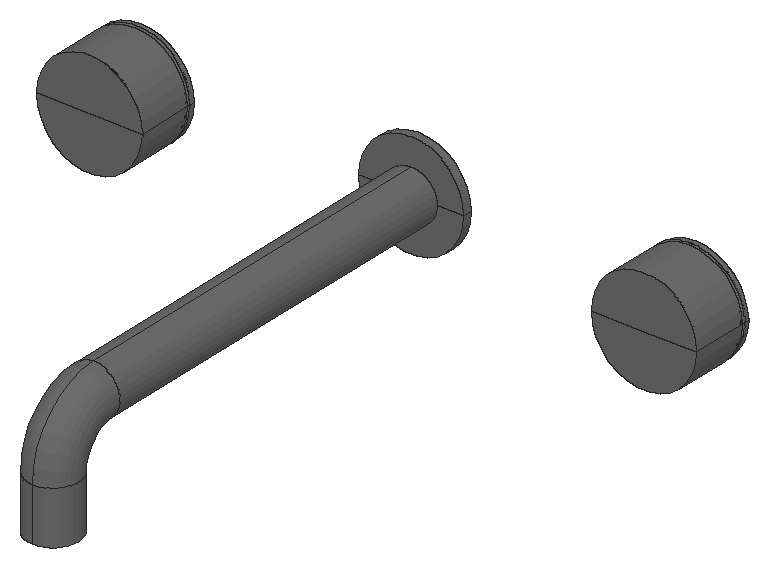
Revit family "TapSet_Basin_Nero_Kara_Wall", category Plumbing Fixtures, Revit 2022
Family settings
  Round Connector Dimension = Use Diameter
  Part Type = Normal
  OmniClass Number = 23.31.11.19
  OmniClass Title = Faucet Mixing Valves
  Work Plane-Based = No
  Always vertical = Yes
  Cut with Voids When Loaded = Yes
  Maintain Annotation Orientation = No
  Shared = No
  Room Calculation Point = No
Parameters (values of type "Matte Black (NR211707A217MB)")
  Waste Connection = no
  Vent Connection = no
  Uniclass2015Version = "Products v1.28"
  Uniclass2015Title = "Mixer taps"
  Uniclass2015Code = "Pr_40_20_87_55"
  URL = "https://nerotapware.com.au/"
  Type Comments = "Tap Set - Basin - Wall - Matte Black"
  ModifiedIssue = 20231106
  Model = "NR211707A217MB"
  HW Connection = yes
  Default Elevation = 0 mm
  CW Connection = yes
  BodyMaterial = Metal_MatteBlack_Nero
  ManufacturerURLProductSpecific = "https://nerotapware.com.au/product/kara-wall-basin-set-180mm-217mm-mb-nr211707a180mb-nr211707a217mb/"
  ManufacturerSpecCode = "NR211707A217MB"
  ManufacturerOverallWidth = 309.5 mm  # constant formula
  ManufacturerOverallHeight = 73.75 mm  # constant formula
  ManufacturerOverallDepth = 226 mm
  ManufacturerHeightFromFFL [instance] = 1050 mm
  Manufacturer = "Nero"
  IfcExportType = "FAUCET"
  IfcExportAs = "ifcValve"
  Description = "Kara Wall Basin Set Matte Black"
  CreatedByURL = "https://igsgroup.com.au"
  CreatedBy = "IGS BIM Solutions"  # constant formula
  Assembly Code = "C1030210"
Types (12, lengths in mm): name | Type Comments | Model | BodyMaterial | ManufacturerURLProductSpecific | ManufacturerSpecCode | ManufacturerOverallDepth | Description
  Matte Black (NR211707A217MB) | "Tap Set - Basin - Wall - Matte Black" | "NR211707A217MB" | Metal_MatteBlack_Nero | "https://nerotapware.com.au/product/kara-wall-basin-set-180mm-217mm-mb-nr211707a180mb-nr211707a217mb/" | "NR211707A217MB" | 226 | "Kara Wall Basin Set Matte Black"
  Gun Metal (NR211707a217GM) | "Tap Set - Basin - Wall - Gun Metal" | "NR211707a217GM" | Metal_GunMetal_Nero | "https://nerotapware.com.au/product/kara-wall-basin-set-180mm-217mm-gm-nr211707a180gm-nr211707a217gm/" | "NR211707a217GM" | 226 | "Kara Wall Basin Set Gun Metal Grey"
  Chrome (NR211707a217CH) | "Tap Set - Basin - Wall - Chrome" | "NR211707a217CH" | Metal_Chrome_Nero | "https://nerotapware.com.au/product/kara-wall-basin-set-180mm-217mm-ch-nr211707a180ch-nr211707a217ch/" | "NR211707a217CH" | 226 | "Kara Wall Basin Set Chrome"
  Brushed Bronze (NR211707A217BZ) | "Tap Set - Basin - Wall - Brushed Bronze" | "NR211707A217BZ" | Metal_Bronze_Nero_Brushed | "https://nerotapware.com.au/product/kara-wall-basin-set-180mm-217mm-bz-nr211707a180bz-nr211707a217bz/" | "NR211707A217BZ" | 226 | "Kara Wall Basin Set Bronze"
  Brushed Nickel (NR211707a217BN) | "Tap Set - Basin - Wall - Brushed Nickel" | "NR211707a217BN" | Metal_Nickel_Nero_Brushed | "https://nerotapware.com.au/product/kara-wall-basin-set-180mm-217mm-bn-nr211707a180bn-nr211707a217bn/" | "NR211707a217BN" | 226 | "Kara Wall Basin Set Brushed Nickel"
  Brushed Gold (NR211707a217BG) | "Tap Set - Basin - Wall - Brushed Gold" | "NR211707a217BG" | Metal_Gold_Nero_Brushed | "https://nerotapware.com.au/product/kara-wall-basin-set-180mm-217mm-bg-nr211707a180bg-nr211707a217bg/" | "NR211707a217BG" | 226 | "Kara Wall Basin Set Brushed Gold"
  Matte Black (NR211707A180MB) | "Tap Set - Basin - Wall - Matte Black" | "NR211707A180MB" | Metal_MatteBlack_Nero | "https://nerotapware.com.au/product/kara-wall-basin-set-180mm-217mm-mb-nr211707a180mb-nr211707a217mb/" | "NR211707A180MB" | 192 | "Kara Wall Basin Set Matte Black"
  Gun Metal (NR211707a180GM) | "Tap Set - Basin - Wall - Gun Metal" | "NR211707a180GM" | Metal_GunMetal_Nero | "https://nerotapware.com.au/product/kara-wall-basin-set-180mm-217mm-gm-nr211707a180gm-nr211707a217gm/" | "NR211707a180GM" | 192 | "Kara Wall Basin Set Gun Metal Grey"
  Chrome (NR211707a180CH) | "Tap Set - Basin - Wall - Chrome" | "NR211707a180CH" | Metal_Chrome_Nero | "https://nerotapware.com.au/product/kara-wall-basin-set-180mm-217mm-ch-nr211707a180ch-nr211707a217ch/" | "NR211707a180CH" | 192 | "Kara Wall Basin Set Chrome"
  Brushed Bronze (NR211707A180BZ) | "Tap Set - Basin - Wall - Brushed Bronze" | "NR211707A180BZ" | Metal_Bronze_Nero_Brushed | "https://nerotapware.com.au/product/kara-wall-basin-set-180mm-217mm-bz-nr211707a180bz-nr211707a217bz/" | "NR211707A180BZ" | 192 | "Kara Wall Basin Set Bronze"
  Brushed Nickel (NR211707a180BN) | "Tap Set - Basin - Wall - Brushed Nickel" | "NR211707a180BN" | Metal_Nickel_Nero_Brushed | "https://nerotapware.com.au/product/kara-wall-basin-set-180mm-217mm-bn-nr211707a180bn-nr211707a217bn/" | "NR211707a180BN" | 192 | "Kara Wall Basin Set Brushed Nickel"
  Brushed Gold (NR211707a180BG) | "Tap Set - Basin - Wall - Brushed Gold" | "NR211707a180BG" | Metal_Gold_Nero_Brushed | "https://nerotapware.com.au/product/kara-wall-basin-set-180mm-217mm-bg-nr211707a180bg-nr211707a217bg/" | "NR211707a180BG" | 192 | "Kara Wall Basin Set Brushed Gold"
Reference planes
  plane 1 "Ref. Level": z = 0
  plane 2 "Center (Left/Right)": x = -60
  plane 3 "Right": x = 94.75
  plane 4 "Back": y = 173.75
  plane 5 "Front": y = -52.25
  plane 6 "Bottom": z = 1001
  plane 7 "MountingHeight": z = 1050
  plane 8 "Top": z = 1074.75
  plane 9 "RightHobCenter (Left/Right)": x = 70
  plane 10 "Left": x = -214.75
  plane 11 "LeftHobCenter (Left/Right)": x = -190
Forms (mm)
  Extrusion 1, solid, material "Metal_MatteBlack_Nero" <- "BodyMaterial"
    sketch origin (0, 173.75, 0) x (1, 0, 0) y (0, 0, 1)
      loop
        circle (-67.35, 1050) r 6.35
      loop
        circle (-52.65, 1050) r 6.35
    from 0 to -1
  Extrusion 2, void
    sketch origin (0, 173.75, 0) x (1, 0, 0) y (0, 0, 1)
      loop
        circle (-60, 1050) r 15
      loop
        circle (70, 1050) r 15
      loop
        circle (-190, 1050) r 15
    from 0 to -30
  Revolve 3, solid, material "Metal_MatteBlack_Nero" <- "BodyMaterial"
    sketch origin (0, 0, 1050) x (0, -1, 0) y (1, 0, 0)
      loop
        line (-143.65, -190) -> (-173.75, -190) -> (-173.75, -214.75) -> (-171.531, -214.75)
        arc (-171.531, -214.75) -> (-170.731, -213.95) -> (-169.931, -214.75) r 0.8
        line (-169.931, -214.75) -> (-143.65, -214.75) -> (-143.65, -190)
      axis (-173.75, -190) -> (-143.65, -190)
    angle from 0 to 360
  Revolve 4, solid, material "Metal_MatteBlack_Nero" <- "BodyMaterial"
    sketch origin (-120, 0, 1050) x (0, -1, 0) y (-1, 0, 0)
      loop
        line (-143.65, -190) -> (-173.75, -190) -> (-173.75, -214.75) -> (-171.531, -214.75)
        arc (-171.531, -214.75) -> (-170.731, -213.95) -> (-169.931, -214.75) r 0.8
        line (-169.931, -214.75) -> (-143.65, -214.75) -> (-143.65, -190)
      axis (-173.75, -190) -> (-143.65, -190)
    angle from 0 to 360
  Revolve 5, solid, material "Metal_MatteBlack_Nero" <- "BodyMaterial"
    sketch origin (0, 0, 1050) x (0, -1, 0) y (1, 0, 0)
      loop
        line (-169.75, -60) -> (-173.75, -60) -> (-173.75, -84.75) -> (-169.75, -84.75) -> (-169.75, -60)
      axis (-173.75, -60) -> (-169.75, -60)
    angle from 0 to 360
  Sweep 6, solid, material "Metal_MatteBlack_Nero" <- "BodyMaterial"
    path origin (-60, 0, 0) x (0, 1, 0) y (0, 0, 1)
      loop
        line (169.75, 1050) -> (-16.25, 1050)
        arc (-16.25, 1050) -> (-33.221, 1042.971) -> (-40.25, 1026) r 24
        line (-40.25, 1026) -> (-40.25, 1001)
    profile origin (-60, 76.75, 1050) x (0, 0, -1) y (1, 0, 0)
      loop
        circle (0, 0) r 12
Lines and regions (mm)
  Masking region 1
    outline origin (0, 0, 1074.75) x (0, -1, 0) y (1, 0, 0)
      loop
        line (-173.75, -165.25) -> (-173.75, -214.75) -> (-171.531, -214.75)
        arc (-171.531, -214.75) -> (-170.731, -213.95) -> (-169.931, -214.75) r 0.8
        line (-169.931, -214.75) -> (-143.65, -214.75) -> (-143.65, -165.25) -> (-169.931, -165.25)
        arc (-169.931, -165.25) -> (-170.731, -166.05) -> (-171.531, -165.25) r 0.8
        line (-171.531, -165.25) -> (-173.75, -165.25)
      loop
        line (-173.75, 45.25) -> (-171.531, 45.25)
        arc (-171.531, 45.25) -> (-170.731, 46.05) -> (-169.931, 45.25) r 0.8
        line (-169.931, 45.25) -> (-143.65, 45.25) -> (-143.65, 94.75) -> (-169.931, 94.75)
        arc (-169.931, 94.75) -> (-170.731, 93.95) -> (-171.531, 94.75) r 0.8
        line (-171.531, 94.75) -> (-173.75, 94.75) -> (-173.75, 45.25)
      loop
        line (-173.75, -35.25) -> (-173.75, -84.75) -> (-169.75, -84.75) -> (-169.75, -72.048) -> (40.202, -72.048)
        arc (40.202, -72.048) -> (52.25, -60) -> (40.202, -47.952) r 12.048
        line (40.202, -47.952) -> (-169.75, -47.952) -> (-169.75, -35.25) -> (-173.75, -35.25)
  symbolic lines, style "Taps/Mixers", detail levels medium+fine
    curve 1: line (-165.25, 171.531, 1074.75) -> (-214.75, 171.531, 1074.75)
    curve 2: line (-165.25, 169.931, 1074.75) -> (-214.75, 169.931, 1074.75)
    curve 3: line (45.25, 169.931, 1074.75) -> (94.75, 169.931, 1074.75)
    curve 4: line (45.25, 171.531, 1074.75) -> (94.75, 171.531, 1074.75)
    curve 5: line (-47.952, 169.75, 1074.75) -> (-72.048, 169.75, 1074.75)
  symbolic lines, style "Taps/Mixers"
    curve 6: arc (-72, -52.25, 1050) -> (-60, -52.25, 1062) -> (-48, -52.25, 1050) r 12
Text (mm)
  text "Disclaimer:\nDue to ongoing product development and manufacturing \nevolution, product details are subject to change without \nnotice. Please refer to product technical data sheets on \nthe manufacturers website for the most current product \ninformation. Please allow a +/- 5mm manufacturing \ntolerance for dimensions and set-outs shown in product \nliterature." at (479.049, 199.695, 0), in view "Ref. Level"
Dimensions and locks
  "ManufacturerHeightFromFFL": plane 7 "MountingHeight" to plane 1 "Ref. Level"
  plane 7 "MountingHeight" to plane 6 "Bottom" = 49 mm
  "ManufacturerOverallDepth": plane 4 "Back" to plane 5 "Front"
  equal spacing: plane 10 "Left", plane 2 "Center (Left/Right)", plane 3 "Right"
  "ManufacturerOverallWidth": plane 10 "Left" to plane 3 "Right"
  locked: plane 10 "Left" to plane 11 "LeftHobCenter (Left/Right)" at 24.75
  locked: plane 9 "RightHobCenter (Left/Right)" to plane 3 "Right" at 24.75
  "ManufacturerOverallHeight": plane 8 "Top" to plane 6 "Bottom"
  locked: plane 7 "MountingHeight" to plane 6 "Bottom" at 49
  aligned and locked: level to plane 1 "Ref. Level"
Automatic sketch dimensions
  plane 4 "Back" to Revolve 5 sketch curve = 0 mm
  Revolve 5 sketch curve to plane 2 "Center (Left/Right)" = 0 mm  (x2)
  plane 4 "Back" to Revolve 5 sketch curve = 4 mm
  Revolve 5 sketch curve to Revolve 5 sketch curve = 24.75 mm
  Revolve 5 sketch curve to Revolve 5 sketch curve = 16 mm
  Revolve 5 sketch curve to Revolve 5 sketch curve = 10 mm
  plane 6 "Bottom" to Sweep 6 sketch curve = 0 mm
  plane 7 "MountingHeight" to Sweep 6 sketch curve = 0 mm
  plane 5 "Front" to Sweep 6 sketch curve = 12 mm
  Sweep 6 sketch curve to Sweep 6 sketch curve = 24 mm
  plane 4 "Back" to Sweep 6 sketch curve = 4 mm
  Sweep 6 sketch curve to plane 2 "Center (Left/Right)" = 0 mm
  Sweep 6 sketch curve to profile plane = 0 mm
  Extrusion 2 sketch curve to plane 7 "MountingHeight" = 0 mm  (x3)
  Extrusion 2 sketch curve to plane 11 "LeftHobCenter (Left/Right)" = 0 mm
  Extrusion 2 sketch curve to plane 2 "Center (Left/Right)" = 0 mm
  plane 9 "RightHobCenter (Left/Right)" to Extrusion 2 sketch curve = 0 mm
  Extrusion 1 sketch curve to plane 7 "MountingHeight" = 0 mm  (x2)
  plane 11 "LeftHobCenter (Left/Right)" to Extrusion 1 sketch curve = 122.65 mm
  plane 2 "Center (Left/Right)" to Extrusion 1 sketch curve = 7.35 mm
  plane 4 "Back" to Revolve 3 sketch curve = 0 mm
  Revolve 3 sketch curve to plane 11 "LeftHobCenter (Left/Right)" = 0 mm  (x2)
  Revolve 3 sketch curve to Revolve 3 sketch curve = 3.019 mm
  Revolve 3 sketch curve to Revolve 3 sketch curve = 27.081 mm
  Revolve 3 sketch curve to Revolve 3 sketch curve = 3.539 mm
  Revolve 3 sketch curve to Revolve 3 sketch curve = 17.321 mm
  Revolve 3 sketch curve to plane 10 "Left" = 0 mm
  Revolve 3 sketch curve to Revolve 3 sketch curve = 0.8 mm
  plane 4 "Back" to Revolve 4 sketch curve = 0 mm
  Revolve 4 sketch curve to plane 9 "RightHobCenter (Left/Right)" = 0 mm  (x2)
  Revolve 4 sketch curve to plane 4 "Back" = 3.019 mm
  Revolve 4 sketch curve to Revolve 4 sketch curve = 27.081 mm
  Revolve 4 sketch curve to Revolve 4 sketch curve = 3.539 mm
  Revolve 4 sketch curve to Revolve 4 sketch curve = 17.321 mm
  Revolve 4 sketch curve to Revolve 4 sketch curve = 0.8 mm
  Revolve 4 sketch curve to plane 3 "Right" = 0 mm
  plane 4 "Back" to Masking region 1 sketch curve = 0 mm  (x3)
  Masking region 1 sketch curve to plane 10 "Left" = 0 mm
  Masking region 1 sketch curve to plane 3 "Right" = 0 mm
  Masking region 1 sketch curve to plane 2 "Center (Left/Right)" = 0 mm
  plane 4 "Back" to Masking region 1 sketch curve = 2.219 mm  (x4)
  Masking region 1 sketch curve to Masking region 1 sketch curve = 0.8 mm  (x4)
  plane 4 "Back" to Masking region 1 sketch curve = 4 mm  (x2)
  Masking region 1 sketch curve to Masking region 1 sketch curve = 26.281 mm  (x2)
  plane 5 "Front" to Masking region 1 sketch curve = 12.048 mm
  plane 11 "LeftHobCenter (Left/Right)" to Masking region 1 sketch curve = 24.75 mm
  Masking region 1 sketch curve to plane 2 "Center (Left/Right)" = 24.75 mm
  Masking region 1 sketch curve to plane 2 "Center (Left/Right)" = 12.048 mm
  Masking region 1 sketch curve to Masking region 1 sketch curve = 12.702 mm
  plane 9 "RightHobCenter (Left/Right)" to Masking region 1 sketch curve = 24.75 mm
  curve 1 to plane 10 "Left" = 0 mm
  curve 4 to plane 3 "Right" = 0 mm
  curve 3 to plane 3 "Right" = 0 mm
  curve 2 to plane 10 "Left" = 0 mm
  plane 4 "Back" to curve 1 = 2.219 mm
  plane 4 "Back" to curve 4 = 2.219 mm
  curve 4 to curve 3 = 1.6 mm
  curve 1 to curve 2 = 1.6 mm
  plane 4 "Back" to curve 5 = 4 mm
  plane 11 "LeftHobCenter (Left/Right)" to curve 2 = 24.75 mm
  curve 1 to curve 2 = 0 mm
  curve 5 to plane 2 "Center (Left/Right)" = 12.048 mm
  plane 2 "Center (Left/Right)" to curve 5 = 12.048 mm
  plane 9 "RightHobCenter (Left/Right)" to curve 4 = 24.75 mm
  curve 3 to curve 4 = 0 mm
  curve 6 to plane 7 "MountingHeight" = 0 mm
  curve 6 to plane 2 "Center (Left/Right)" = 0 mm
  plane 2 "Center (Left/Right)" to curve 6 = 12 mm
  radius of Sweep 6 sketch curve = 12 mm
  radius of Extrusion 2 sketch curve = 15 mm  (x3)
  radius of Extrusion 1 sketch curve = 6.35 mm  (x2)
Connectors
  piping at (-67.35, 174.75, 1050), diameter 12.7, driven by "HW Connection"
    settings: on Extrusion 1, index 1, connector inside diameter 609.6 mm, connector length 0 mm, flow factor 0, pipe flow 0.0 L/s, pressure drop 0.0 Pa, fitting loss kfactor 0, connector angle 0.00°, fixture units 0, engagement length 0 mm, angle of deflection 0.00°, flow configuration 0, flow direction 1, fitting loss method 0, system type 19, joint type 0, gender type 0, connector reference index -1, connector utility 1, adjustable connector no, is connector primary yes, connector description "Hot Water Supply"
  piping at (-52.65, 174.75, 1050), diameter 12.7, driven by "CW Connection"
    settings: on Extrusion 1, index 2, connector inside diameter 609.6 mm, connector length 0 mm, flow factor 0, pipe flow 0.0 L/s, pressure drop 0.0 Pa, fitting loss kfactor 0, connector angle 0.00°, fixture units 0, engagement length 0 mm, angle of deflection 0.00°, flow configuration 0, flow direction 1, fitting loss method 0, system type 20, joint type 0, gender type 0, connector reference index -1, connector utility 1, adjustable connector no, is connector primary no, connector description "Cold Water Supply"
